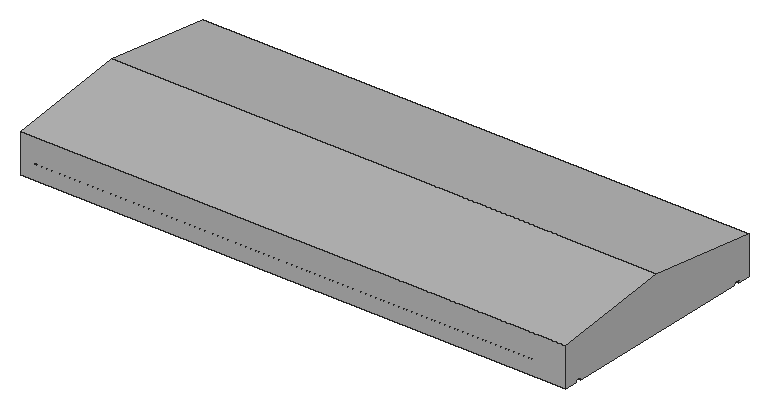
Revit family "WC421 Saddle Back", category Generic Models, Revit 2020
Family settings
  Can host rebar = No
  Round Connector Dimension = Use Diameter
  Part Type = Normal
  Work Plane-Based = No
  Always vertical = Yes
  Cut with Voids When Loaded = No
  Shared = No
  Room Calculation Point = No
Parameters
  Weight = "64Kg"
  Warranty Guarantor Parts = "n/a"
  Warranty Guarantor Labour = "n/a"
  Warranty Duration Unit = "n/a"
  Warranty Duration Parts = "n/a"
  Warranty Duration Labour = "n/a"
  Warranty Description = "n/a"
  Unit Width [instance] = 381 mm
  Unit Length [instance] = 914 mm
  Unit Height [instance] = 89 mm
  URL = "www.killeshal.com"
  Types = "Single"
  Type Comments = "Visit our website for a full list of available products."
  Sustainability Performance = "n/a"
  Structural Class = "n/a"
  Span = "Unit Length"
  Slope = "0.00°"
  Size = "381mm x 89 to 64mm"
  Shape = "As per drawing"
  Service Life = "0.000000"
  Serial Number = "n/a"
  Resistance to Fire = "n/a"
  Replacement Cost = "n/a"
  Reference = "n/a"
  Notified Body = "n/a"
  Nominal Cover to Main Bar = "n/a"
  Model = "W/C 421 Wall Cap."
  Mechanical Resistance = "n/a"
  Manufacturer = "Killeshal Precast Concrete Ltd."
  Load Bearing = no
  Life Cycle Environmental Load = "n/a"
  Length Options = "Stock size 914mm."
  Keynote = "The information contained is the sole property of KPC Ltd., any reproduction in part or whole without permission of KPC Ltd. is prohibited."
  Environmental Product Declaration = "n/a"
  Environmental Class = "n/a"
  Durability against Corrosion = "n/a"
  Dimension Accuracy Class = "n/a"
  Detailing = "As per design specification and product drawings."
  Description = "15\" Saddle Back Wall Cap"
  Default Elevation = 0 mm
  Dangerous Substances = "n/a"
  Contact Tel = "0035357 9353018"
  Contact Email = "sales@killeshal.com"
  Construction Type = "Precast"
  Construction Tolerance Class = "n/a"
  Compressive Strength of Concrete = "n/a"
  Characteristics of Reinforcing Steel = "n/a"
  Characteristics Deflection Under Load = "n/a"
Reference planes
  plane 1 "Center (Front/Back)": y = 0
  plane 2: z = 0
  plane 3 "Center (Left/Right)": x = 0
  plane 4 "Rear": y = 190.5
  plane 5 "Front": y = -190.5
  plane 6 "Top": z = 89
  plane 7 "Center L/T": z = 64
Forms (mm)
  Extrusion 1, solid, material "Precast Concrete (KPC)"
    sketch origin (0, 0, 0) x (0, 1, 0) y (0, 0, 1)
      loop
        line (-190.5, 64) -> (-190.5, 0) -> (-170.5, 0)
        arc (-170.5, 0) -> (-165.5, 5) -> (-160.5, 0) r 5
        line (-160.5, 0) -> (160.5, 0)
        arc (160.5, 0) -> (165.5, 5) -> (170.5, 0) r 5
        line (170.5, 0) -> (190.5, 0) -> (190.5, 64) -> (0, 89) -> (-190.5, 64)
    from 0 to 914
Dimensions and locks
  "Unit Length": Extrusion 1 to Extrusion 1
  "Unit Width": Extrusion 1 to Extrusion 1
  "Unit Height": Extrusion 1 to plane 6 "Top"
  plane 7 "Center L/T" to Extrusion 1 = 64 mm
  aligned and locked: level to plane 2
Automatic sketch dimensions
  Extrusion 1 sketch curve to plane 5 "Front" = 0 mm
  Extrusion 1 sketch curve to level = 0 mm
  Extrusion 1 sketch curve to plane 1 "Center (Front/Back)" = 0 mm
  Extrusion 1 sketch curve to plane 4 "Rear" = 0 mm
  Extrusion 1 sketch curve to plane 7 "Center L/T" = 0 mm  (x2)
  Extrusion 1 sketch curve to plane 6 "Top" = 0 mm
  plane 5 "Front" to Extrusion 1 sketch curve = 20 mm
  Extrusion 1 sketch curve to Extrusion 1 sketch curve = 5 mm  (x2)
  Extrusion 1 sketch curve to Extrusion 1 sketch curve = 30 mm
